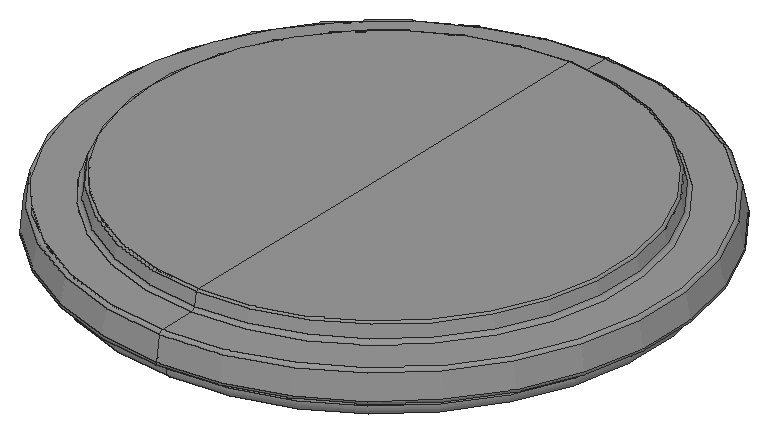
Revit family "FMK13_63_UN_Surface-mounted_ETK", category Lighting Fixtures, Revit 2017 (continued)
Definition of nested family "FMK.1 - Lightsource"
  Parameters (values of type "FMK.1109.10 - Ø250x48 / 12W")
      394.7084\t391.0909\t387.0552\r\n382.4227\t377.3501\t371.7125\t365.6289\t359.0797\t352.0101\t344.5153\t336.5336\t328.0834\t319.186\r\n310.0492\t300.3991\t290.6808\t280.0535\t269.1382\t257.6606\t245.9715\t234.0356\t221.994\t209.6474\r\n197.1639\t184.5242\t171.8904\t158.2648\t144.4077\t130.6839\t117.093\t103.3426\t89.5213\t76.4321\r\n62.9064\t50.3095\t38.9022\t28.6824\t0\t0\r\n405.3384\t405.5619\t405.0308\t404.1037\t402.4481\t400.3826\t397.8529\t394.7029\t391.0716\t386.9514\r\n382.295\t377.2986\t371.6562\t365.6032\t359.0556\t351.9937\t344.5103\t336.584\t328.1776\t319.3532\r\n310.0974\t300.3356\t290.3174\t279.8488\t269.1115\t258.1537\t246.5385\t234.5863\t222.1937\t209.6472\r\n196.9332\t184.0086\t170.9271\t157.807\t144.7993\t131.1715\t116.9912\t103.0076\t89.4388\t75.7848\r\n62.8691\t50.2334\t38.592\t27.1196\t0\t0\r\n405.3384\t405.5633\t405.0407\t404.1312\t402.6392\t400.4187\t397.881\t394.7292\t391.0895\t386.9644\r\n382.2746\t377.1648\t371.4996\t365.4693\t358.9878\t351.9131\t344.4464\t336.5353\t328.1318\t319.3478\r\n310.1011\t300.4485\t290.394\t279.9618\t269.1603\t257.9107\t246.3524\t234.5985\t222.4284\t210.1088\r\n197.3969\t184.1969\t170.8703\t157.4428\t143.9608\t130.43\t116.9468\t103.5478\t89.3098\t75.5778\r\n62.4619\t50.0702\t38.7502\t24.5387\t1.901\t0\r\n405.3384\t405.5636\t405.0466\t404.1492\t402.6681\t400.5955\t398.0664\t394.9307\t391.1454\t387.0248\r\n382.3139\t377.1828\t371.4901\t365.4554\t358.8567\t351.7264\t344.248\t336.3296\t327.9212\t319.2201\r\n309.9694\t300.3191\t290.2888\t279.8993\t269.135\t258.007\t246.5323\t234.736\t222.5462\t210.0919\r\n197.3723\t184.3271\t171.1345\t157.7225\t144.2137\t130.4595\t116.5463\t102.7293\t88.9906\t75.6756\r\n62.4842\t49.7099\t38.4108\t19.5388\t9.0852\t0\r\n405.3384\t405.5627\t405.0483\t404.1575\t402.6822\t400.6129\t398.0939\t394.9827\t391.3659\t387.2691\r\n382.55\t377.4142\t371.7081\t365.686\t358.9237\t351.7483\t344.2571\t336.3046\t327.8656\t319.0519\r\n309.7319\t300.073\t290.0393\t279.6352\t268.8689\t257.7186\t246.2608\t234.4573\t222.2884\t210.0107\r\n197.2602\t184.3582\t171.2221\t157.8358\t144.2992\t130.7043\t116.8944\t103.0094\t89.1137\t75.4482\r\n62.0725\t49.5077\t38.5681\t16.4085\t6.3848\t0\r\n405.3384\t405.5608\t405.0458\t404.1562\t402.6815\t400.6096\t398.0931\t394.9913\t391.3746\t387.2895\r\n382.5726\t377.4458\t371.7456\t365.7409\t359.116\t351.9176\t344.4382\t336.4672\t328.028\t319.2025\r\n309.8386\t300.1705\t290.1395\t279.7338\t268.942\t257.7639\t246.2815\t234.4244\t222.1929\t209.9028\r\n196.969\t184.0235\t170.8906\t157.4183\t143.9226\t130.2982\t116.5333\t102.7217\t88.9801\t75.3324\r\n62.0708\t49.4881\t37.8886\t16.6443\t6.3206\t4.5649\r\n405.3384\t405.5579\t405.0392\t404.1453\t402.6658\t400.5861\t398.064\t394.9565\t391.3223\t387.2272\r\n382.4989\t377.367\t371.656\t365.6345\t358.8616\t351.6754\t344.1767\t336.2087\t327.7721\t318.9511\r\n309.6246\t299.9461\t289.9153\t279.5013\t268.7141\t257.5244\t246.0492\t234.2476\t222.0584\t209.8057\r\n197.0631\t184.1389\t170.9819\t157.6062\t144.0805\t130.4305\t116.7655\t102.8872\t88.9857\t75.3165\r\n61.9974\t49.5022\t38.5004\t19.5133\t10.1573\t0\r\n405.3384\t405.5537\t405.0285\t404.1246\t402.6354\t400.5421\t398.006\t394.879\t391.057\t386.9398\r\n382.2102\t377.0886\t371.3854\t365.3521\t358.7336\t351.5762\t344.0881\t336.1427\t327.7345\t319.0228\r\n309.7484\t300.0828\t290.0448\t279.6173\t268.8275\t257.6208\t246.1171\t234.3028\t222.0743\t209.66\r\n196.8854\t183.8167\t170.5486\t157.0989\t143.5804\t129.9288\t116.1512\t102.4281\t88.8066\t75.5773\r\n62.493\t49.7093\t38.2595\t25.0307\t14.9589\t0\r\n405.3384\t405.5487\t405.0137\t404.0945\t402.5903\t400.3393\t397.7919\t394.6519\t390.9587\t386.8388\r\n382.1207\t377.0237\t371.3413\t365.3181\t358.8128\t351.6794\t344.2118\t336.2599\t327.8486\t319.0383\r\n309.7477\t300.0564\t289.9668\t279.4805\t268.6528\t257.2839\t245.7289\t233.9178\t221.7092\t209.3665\r\n196.5454\t183.3687\t170.0181\t156.5779\t143.1684\t129.7197\t116.3848\t103.1589\t88.9988\t75.3396\r\n62.3046\t50.0937\t38.8254\t28.0997\t2.873\t0\r\n405.3384\t405.5424\t404.9947\t404.055\t402.3835\t400.2776\t397.7298\t394.604\t390.8997\t386.7863\r\n382.0919\t377.1147\t371.4463\t365.407\t358.8101\t351.6735\t344.1847\t336.2129\t327.7678\t318.9134\r\n309.5687\t299.7567\t289.6031\t279.1338\t268.3599\t257.1899\t245.6509\t233.7994\t221.2737\t208.667\r\n195.8953\t182.9771\t169.8766\t156.7282\t143.8338\t130.2381\t116.1827\t102.4101\t88.9484\t75.4168\r\n62.7296\t50.3091\t39.1414\t29.704\t0\t0\r\n405.3384\t405.5351\t404.9716\t403.8532\t402.3311\t400.2301\t397.6855\t394.5908\t390.8787\t386.8617\r\n382.175\t377.112\t371.4367\t365.3594\t358.743\t351.6058\t344.0956\t336.0642\t327.5154\t318.5932\r\n309.2834\t299.6126\t289.6216\t279.1214\t268.1429\t256.518\t244.9018\t233.0679\t220.8676\t208.4546\r\n195.9224\t183.2678\t170.6349\t156.9081\t143.1149\t129.4264\t115.9638\t102.4748\t88.9243\t76.0325\r\n62.7599\t50.5163\t39.7576\t30.4051\t0\t0\r\n405.3384\t405.5268\t404.9446\t403.805\t402.2873\t400.1964\t397.6585\t394.6138\t390.9631\t386.846\r\n382.1518\t377.0764\t371.382\t365.2552\t358.5991\t351.4668\t343.8615\t335.8105\t327.4306\t318.7174\r\n309.3728\t299.5147\t288.9811\t278.3636\t267.4085\t256.1152\t244.6556\t232.9217\t220.9954\t208.7993\r\n196.6284\t183.2571\t169.7766\t156.2175\t142.8009\t129.5874\t115.8561\t102.4694\t89.5373\t75.801\r\n62.8374\t50.9146\t40.2047\t6.0894\t0\t0\r\n405.3384\t405.5175\t404.9137\t403.7611\t402.2519\t400.1761\t397.6486\t394.7553\t390.9488\t386.789\r\n382.1121\t377.0119\t371.2861\t365.1175\t358.3294\t351.2537\t343.813\t335.977\t327.5604\t318.4278\r\n308.6974\t298.7546\t288.5068\t277.9956\t267.1616\t256.1159\t244.8144\t233.2945\t221.7169\t208.8064\r\n195.7188\t182.5554\t169.3922\t156.2082\t142.9406\t129.1804\t115.9091\t102.9762\t89.1253\t75.8369\r\n63.1021\t51.3207\t40.5082\t0\t0\t0\r\n405.3384\t405.5071\t404.732\t403.7215\t402.2248\t400.1686\t397.7338\t394.8479\t390.8965\t386.7357\r\n382.0539\t376.9054\t371.1484\t364.8842\t358.2241\t351.4508\t343.9783\t335.7216\t326.8896\t317.6788\r\n308.2461\t298.3973\t288.3086\t277.939\t267.2925\t256.4485\t245.5245\t233.6216\t220.7985\t208.0817\r\n195.2276\t182.3754\t169.6036\t156.0708\t142.5048\t129.2499\t116.3261\t102.426\t89.0803\t75.9582\r\n63.4055\t51.6359\t45.2068\t0\t0\t0\r\n405.3384\t405.4958\t404.7008\t403.6862\t402.2055\t400.2642\t397.7241\t394.865\t390.8568\t386.6659\r\n381.976\t376.6726\t370.9429\t364.8366\t358.4087\t351.334\t343.5563\t334.9914\t326.3919\t317.3169\r\n308.0073\t298.2976\t288.3747\t278.1618\t267.7576\t257.0033\t244.8286\t232.6273\t220.2623\t207.8032\r\n195.2499\t182.6548\t169.1292\t155.7437\t142.619\t129.6789\t115.7028\t102.2394\t89.062\t76.0071\r\n63.5996\t51.8486\t11.6838\t0\t0\t0\r\n405.3384\t405.4834\t404.6711\t403.6553\t402.1936\t400.258\t397.6979\t394.8548\t390.809\t386.5801\r\n381.7953\t376.5628\t370.9021\t365.0558\t358.2517\t350.708\t342.8497\t334.6091\t326.0741\t317.1853\r\n307.9783\t298.4528\t288.6922\t278.8691\t267.9516\t256.0449\t244.1901\t232.1682\t220.074\t207.8676\r\n195.4583\t182.0264\t168.8523\t155.8456\t142.9997\t129.0282\t115.4645\t102.3448\t88.8812\t76.0111\r\n63.697\t51.9403\t0\t0\t0\t0\r\n405.3384\t405.4702\t404.6431\t403.6287\t402.2832\t400.2467\t397.6616\t394.8126\t390.7531\t386.4813\r\n381.7031\t376.5033\t371.0899\t364.866\t357.6417\t350.2384\t342.4952\t334.4178\t325.9215\t317.2094\r\n308.1434\t298.8419\t289.3001\t278.281\t266.9656\t255.5234\t243.8676\t232.0908\t220.4035\t207.9609\r\n194.7531\t181.8051\t168.927\t156.2326\t142.3126\t128.7065\t115.4865\t101.9757\t88.7309\t76.0048\r\n63.7421\t56.6766\t0\t0\t0\t0\r\n405.3384\t405.4561\t404.6167\t403.6076\t402.2769\t400.2274\t397.6166\t394.7349\t390.6867\t386.33\r\n381.656\t376.7279\t370.9169\t364.2502\t357.2389\t349.8681\t342.264\t334.3087\t325.9477\t317.3662\r\n308.4811\t299.3487\t288.5326\t277.6229\t266.5022\t255.2499\t243.8518\t232.5118\t220.0293\t207.2658\r\n194.5118\t181.8749\t169.3599\t155.551\t141.9034\t128.5853\t115.2093\t101.7082\t88.6305\t75.9892\r\n63.7506\t34.8823\t0\t0\t0\t0\r\n405.3384\t405.441\t404.5919\t403.5925\t402.2647\t400.2005\t397.5636\t394.6195\t390.511\t386.2918\r\n381.8682\t376.6329\t370.3868\t363.8318\t356.9304\t349.652\t342.1589\t334.2951\t326.1382\t317.7058\r\n308.9338\t298.5236\t287.9506\t277.1892\t266.2979\t255.2333\t244.3108\t232.0843\t219.5682\t206.9936\r\n194.5653\t182.2533\t168.7385\t155.1122\t141.7148\t128.5532\t114.8199\t101.4796\t88.5326\t75.9589\r\n63.7436\t0\t0\t0\t0\t0\r\n405.3384\t405.4251\t404.5685\t403.5817\t402.2465\t400.1668\t397.508\t394.4112\t390.4413\t386.2913\r\n381.8067\t376.4311\t370.0062\t363.505\t356.7156\t349.5603\t342.1638\t334.4401\t326.4674\t318.1326\r\n308.1103\t297.9214\t287.5762\t277.012\t266.3002\t255.6656\t243.832\t231.5923\t219.2864\t207.014\r\n194.9442\t181.7689\t168.1866\t154.8828\t141.8181\t128.0517\t114.4929\t101.2468\t88.4031\t75.8633\r\n69.485\t0\t0\t0\t0\t0\r\n405.3384\t405.2485\t404.5335\t403.6645\t402.2224\t400.1255\t397.475\t394.1709\t390.3989\t386.5385\r\n381.6223\t375.8443\t369.6864\t363.2614\t356.5777\t349.5494\t342.2587\t334.7322\t326.9154\t317.3685\r\n307.5367\t297.5489\t287.3558\t277.0195\t266.7127\t255.5088\t243.294\t231.2722\t219.2355\t207.2358\r\n194.7953\t181.1626\t167.9131\t154.7557\t141.4371\t127.7042\t114.2298\t101.0851\t88.2593\t75.7374\r\n52.566\t0\t0\t0\t0\t0\r\n405.3384\t405.2313\t404.5149\t403.6585\t402.1924\t400.0874\t397.4062\t394.0524\t390.3827\t386.4783\r\n381.347\t375.4965\t369.4174\t363.101\t356.5087\t349.625\t342.4702\t335.2626\t326.2434\t316.8153\r\n307.1624\t297.3178\t287.3215\t277.1874\t266.6991\t254.7569\t242.9726\t231.1253\t219.3601\t207.4539\r\n194.0571\t180.8106\t167.6988\t154.8237\t140.9526\t127.3463\t114.024\t100.9381\t88.1442\t75.6199\r\n8.3292\t0\t0\t0\t0\t0\r\n405.3384\t405.2143\t404.4979\t403.65\t402.1564\t400.0372\t397.3255\t393.9625\t390.6129\t386.3063\r\n380.8286\t375.1745\t369.2361\t363.0129\t356.5201\t349.7807\t343.0483\t335.0507\t325.7043\t316.3858\r\n306.914\t297.2339\t287.4377\t277.4576\t265.9553\t254.3844\t242.7811\t231.1938\t219.6917\t206.6946\r\n193.5598\t180.5774\t167.6861\t154.2617\t140.5223\t127.0588\t113.7914\t100.7972\t88.0366\t83.4326\r\n0\t0\t0\t0\t0\t0\r\n405.3384\t405.1978\t404.4825\t403.6384\t402.0911\t399.9817\t397.1408\t393.8852\t390.547\t386.0015\r\n380.5505\t374.9336\t369.1354\t362.9788\t356.6063\t350.0031\t343.0514\t334.2028\t325.2569\t316.0815\r\n306.771\t297.3248\t287.8218\t276.8308\t265.4808\t254.1562\t242.7619\t231.3645\t219.1669\t206.151\r\n193.2513\t180.4127\t167.6455\t153.7701\t140.1673\t126.7721\t113.5971\t100.6559\t87.9035\t73.2104\r\n0\t0\t0\t0\t0\t0\r\n405.3384\t405.1816\t404.4685\t403.6236\t402.0462\t399.9218\t397.0406\t393.8449\t390.4197\t385.4588\r\n380.303\t374.7523\t369.0481\t362.9941\t356.7556\t350.4899\t342.3766\t333.7323\t324.91\t315.93\r\n306.7423\t297.7012\t287.638\t276.3403\t265.2041\t254.0066\t242.8588\t231.5472\t218.5675\t205.791\r\n193.0312\t180.5339\t166.992\t153.2951\t139.8329\t126.5198\t113.4096\t100.488\t87.7644\t50.183\r\n0\t0\t0\t0\t0\t0\r\n405.3384\t405.1658\t404.4556\t403.605\t402.0047\t399.8587\t396.9678\t394.0484\t390.2485\t385.1764\r\n380.0833\t374.6292\t368.9744\t363.0772\t356.9562\t350.3807\t341.8775\t333.354\t324.6587\t315.8276\r\n306.8408\t297.6991\t286.865\t275.9921\t265.0466\t254.0282\t243.181\t230.8144\t218.1129\t205.4704\r\n192.95\t180.3241\t166.4787\t152.9016\t139.4897\t126.2465\t113.2069\t100.3244\t87.5932\t7.0091\r\n0\t0\t0\t0\t0\t0\r\n405.3384\t405.1736\t404.4436\t403.5723\t401.9608\t399.8075\t396.909\t394.0477\t390.0041\t384.9479\r\n379.8834\t374.551\t368.9703\t363.21\t357.4063\t349.6805\t341.4574\t333.0643\t324.521\t315.8139\r\n307.234\t297.0694\t286.4243\t275.712\t264.9568\t254.1683\t243.0001\t230.2308\t217.7563\t205.2779\r\n193.0318\t179.6139\t166.0256\t152.5274\t139.1851\t126.0071\t112.9942\t100.1243\t93.9816\t0\r\n0\t0\t0\t0\t0\t0\r\n405.3384\t405.1582\t404.4323\t403.5458\t401.9186\t399.7372\t396.864\t393.9692\t389.4676\t384.7303\r\n379.7002\t374.4837\t369.0179\t363.3474\t357.309\t349.2254\t341.1152\t332.8524\t324.4403\t315.899\r\n307.1158\t296.6023\t286.0655\t275.5201\t264.9227\t254.484\t242.2719\t229.8418\t217.4461\t205.1551\r\n192.8003\t179.0668\t165.548\t152.1467\t138.9029\t125.7703\t112.7705\t99.923\t81.4643\t0\r\n0\t0\t0\t0\t0\t0\r\n405.3384\t405.1427\t404.4215\t403.5172\t401.8789\t399.5738\t396.8307\t393.84\t389.2108\t384.5347\r\n379.5711\t374.4387\t369.0911\t363.8155\t356.9853\t348.8325\t340.836\t332.7132\t324.4347\t316.2659\r\n306.469\t296.1791\t285.8331\t275.4029\t264.9879\t254.1807\t241.7605\t229.4924\t217.282\t205.2627\r\n192.1131\t178.5645\t165.1154\t151.7836\t138.585\t125.5095\t112.5563\t99.7128\t60.9146\t0\r\n0\t0\t0\t0\t0\t0\r\n405.3384\t405.1268\t404.411\t403.4869\t401.8689\t399.5039\t396.8145\t393.6447\t388.9954\t384.3538\r\n379.4857\t374.4179\t369.1782\t363.8193\t356.2567\t348.5043\t340.6114\t332.606\t324.4985\t316.1813\r\n306.0112\t295.8319\t285.6355\t275.3934\t265.2495\t253.4097\t241.2878\t229.2124\t217.1097\t205.0994\r\n191.5675\t178.0818\t164.7012\t151.456\t138.2911\t125.2321\t112.3059\t99.4762\t16.2983\t0\r\n0\t0\t0\t0\t0\t0\r\n405.3384\t405.1108\t404.4903\t403.4555\t401.8237\t399.4103\t397.0305\t393.4442\t388.8336\t384.1754\r\n379.4075\t374.43\t369.2737\t363.6191\t355.8892\t348.234\t340.4491\t332.5491\t324.8276\t315.8567\r\n305.6102\t295.5819\t285.4934\t275.413\t265.0581\t252.9031\t240.9149\t228.9525\t217.0191\t204.6975\r\n191.0128\t177.6397\t164.3329\t151.1167\t137.9969\t124.9687\t112.062\t107.5917\t0.7007\t0\r\n0\t0\t0\t0\t0\t0\r\n405.3384\t405.0944\t404.4708\t403.4232\t401.771\t399.3535\t397.0169\t393.0022\t388.6496\t384.0408\r\n379.3374\t374.4627\t369.6852\t362.9627\t355.5698\t348.0061\t340.3388\t332.5584\t324.7942\t315.1398\r\n305.2951\t295.3698\t285.4247\t275.6825\t264.3367\t252.5037\t240.6145\t228.7679\t217.1002\t203.9238\r\n190.5367\t177.2097\t163.9532\t150.792\t137.717\t124.7302\t111.8063\t98.8725\t0\t0\r\n0\t0\t0\t0\t0\t0\r\n405.3384\t405.0776\t404.4545\t403.3908\t401.7101\t399.3099\t396.9567\t392.7976\t388.4495\t383.9609\r\n379.2847\t374.4998\t369.6843\t362.5741\t355.27\t347.8284\t340.249\t332.6102\t324.5858\t314.7295\r\n304.9935\t295.2193\t285.3785\t275.5735\t263.8563\t252.1042\t240.3755\t228.643\t216.8475\t203.3823\r\n190.0477\t176.7881\t163.6007\t150.4803\t137.4402\t124.4543\t111.5517\t85.0694\t0\t0\r\n0\t0\t0\t0\t0\t0\r\n405.3384\t405.0604\t404.4375\t403.3708\t401.6143\t399.2784\t396.8678\t392.6205\t388.286\t383.8712\r\n379.2482\t374.5384\t369.5416\t362.2694\t354.9882\t347.6747\t340.2311\t332.9204\t323.9709\t314.3815\r\n304.7666\t295.0886\t285.3921\t275.2484\t263.399\t251.7743\t240.1515\t228.5226\t216.4169\t202.8894\r\n189.6152\t176.4056\t163.2526\t150.1706\t137.1488\t124.1833\t111.2847\t67.3012\t0\t0\r\n0\t0\t0\t0\t0\t0\r\n405.3384\t405.0427\t404.4198\t403.3318\t401.5423\t399.2809\t396.7363\t392.489\t388.1443\t383.7593\r\n379.2585\t374.6007\t369.2833\t361.9708\t354.796\t347.5124\t340.2151\t332.8981\t323.5654\t314.0775\r\n304.5571\t295.0196\t285.6448\t274.5513\t263.0117\t251.4537\t239.942\t228.6113\t215.6596\t202.3901\r\n189.1856\t176.0419\t162.932\t149.883\t136.8857\t123.9284\t122.8764\t24.0819\t0\t0\r\n0\t0\t0\t0\t0\t0\r\n405.3384\t405.0244\t404.402\t403.293\t401.4733\t399.2445\t396.6121\t392.3366\t388.0271\t383.6686\r\n379.2507\t374.9702\t368.6448\t361.6732\t354.6081\t347.4237\t340.1562\t332.7313\t323.2268\t313.8119\r\n304.3844\t294.9379\t285.5233\t274.1363\t262.6612\t251.2131\t239.7592\t228.325\t215.0958\t201.9145\r\n188.7725\t175.6617\t162.5822\t149.5668\t136.5956\t123.6688\t120.5677\t9.957\t0\t0\r\n0\t0\t0\t0\t0\t0\r\n405.3384\t405.0054\t404.384\t403.2512\t401.3208\t399.1951\t396.4819\t392.1762\t387.9514\t383.5908\r\n379.2078\t374.9606\t368.3521\t361.3828\t354.4067\t347.3472\t340.1951\t332.3855\t322.9143\t313.5971\r\n304.2281\t294.8631\t285.2223\t273.7182\t262.3605\t251.0007\t239.6319\t227.9627\t214.5968\t201.4525\r\n188.3381\t175.2686\t162.2411\t149.2486\t136.2977\t123.3792\t114.9625\t0\t0\t0\r\n0\t0\t0\t0\t0\t0\r\n405.3384\t404.9858\t404.3663\t403.2062\t401.2807\t399.3352\t396.3671\t391.9995\t387.8556\t383.5414\r\n379.1954\t374.8369\t368.0781\t361.1669\t354.2081\t347.2392\t340.4601\t331.7946\t322.572\t313.375\r\n304.1344\t294.8515\t284.8364\t273.3137\t262.0496\t250.7828\t239.7394\t227.2719\t214.143\t201.0284\r\n187.957\t174.9188\t161.9031\t148.9358\t135.9942\t123.0935\t106.9167\t0\t0\t0\r\n0\t0\t0\t0\t0\t0\r\n405.3384\t404.9657\t404.3491\t403.137\t401.2259\t399.2718\t396.1988\t391.8626\t387.7249\t383.5318\r\n379.2046\t374.674\t367.8035\t360.9786\t354.0767\t347.1349\t340.3019\t331.4341\t322.3187\t313.1475\r\n303.9869\t295.0203\t284.1943\t272.9865\t261.7665\t250.5691\t239.5527\t226.7795\t213.6915\t200.6354\r\n187.5885\t174.5759\t161.5912\t148.6211\t135.6938\t122.7886\t97.1013\t0\t0\t0\r\n0\t0\t0\t0\t0\t0\r\n405.3384\t404.9447\t404.3643\t403.0908\t401.1696\t399.2115\t395.7381\t391.7602\t387.6137\t383.4745\r\n379.2433\t374.4878\t367.536\t360.7869\t353.9653\t347.0886\t340.1271\t331.0609\t322.0462\t312.9846\r\n303.8666\t294.8288\t283.7883\t272.6681\t261.5277\t250.3816\t239.2929\t226.2978\t213.2501\t200.2267\r\n187.218\t174.2303\t161.2676\t148.3254\t135.4154\t122.514\t86.1249\t0\t0\t0\r\n0\t0\t0\t0\t0\t0\r\n405.3384\t404.9229\t404.3466\t403.048\t401.1114\t399.1739\t395.5625\t391.6161\t387.5292\t383.3775\r\n379.2387\t374.3121\t367.2962\t360.5925\t353.8461\t347.0574\t339.9336\t330.7756\t321.7646\t312.7595\r\n303.7724\t294.6075\t283.4083\t272.337\t261.2567\t250.1906\t238.9891\t225.8589\t212.8415\t199.8294\r\n186.8583\t173.8966\t160.9568\t148.0252\t135.1175\t122.2164\t74.5102\t0\t0\t0\r\n0\t0\t0\t0\t0\t0\r\n405.3384\t404.9005\t404.3255\t403.009\t401.0339\t399.1156\t395.4146\t391.4309\t387.4243\t383.3208\r\n379.4976\t373.7544\t367.1078\t360.4023\t353.7011\t347.0017\t339.7099\t330.5052\t321.5623\t312.5965\r\n303.6305\t294.2656\t283.057\t272.0629\t261.0319\t250.0033\t238.6069\t225.4043\t212.4214\t199.4582\r\n186.5098\t173.5796\t160.6474\t147.7264\t134.8117\t134.8645\t35.7949\t0\t0\t0\r\n0\t0\t0\t0\t0\t0\r\n405.3384\t404.8772\t404.301\t402.9743\t400.978\t399.0523\t395.3086\t391.2952\t387.2858\t383.248\r\n379.4366\t373.4825\t366.884\t360.2677\t353.5976\t347.1681\t339.3917\t330.259\t321.3543\t312.4464\r\n303.5241\t293.9556\t282.7397\t271.7601\t260.7829\t249.8115\t238.199\t224.9904\t212.0355\t1
